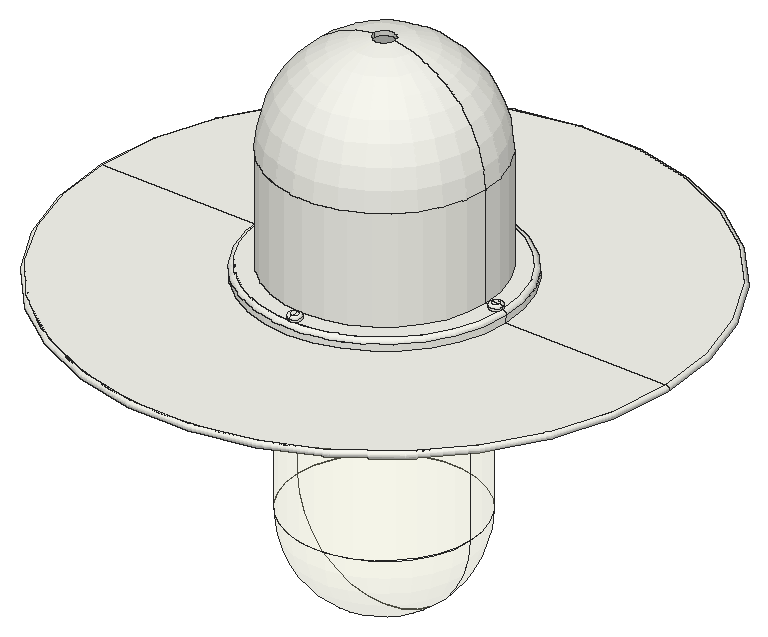
Revit family "FL4 SHADE", category Lighting Fixtures, Revit 2024
Family settings
  Round Connector Dimension = Use Diameter
  Part Type = Normal
  OmniClass Number = 23.80.70.00
  OmniClass Title = Lighting
  Work Plane-Based = No
  Always vertical = Yes
  Cut with Voids When Loaded = No
  Light Source = Yes
  Maintain Annotation Orientation = No
  Shared = No
  Room Calculation Point = No
Parameters
  Wattage = 12.1178 W
  built-in parameter 1150110 = 1 (stored number, unit not read)
  built-in parameter 1114217 = 1 (stored number, unit not read)
  built-in parameter 1150109 = 1 (stored number, unit not read)
  built-in parameter 1150134 = (empty or 0)
  built-in parameter 1150113 = 1 (stored number, unit not read)
  Lumens = 1800 lm
  built-in parameter 1150115 = 1 (stored number, unit not read)
  built-in parameter 1150105 = 572.96 (stored number, unit not read)
  Light Source Symbol Size = 2' - 0"
  built-in parameter 1150137 = (empty or 0)
  built-in parameter 1150139 = (empty or 0)
  built-in parameter 1150112 = 1 (stored number, unit not read)
  built-in parameter 1150114 = 1 (stored number, unit not read)
  built-in parameter 1150132 = 2
  built-in parameter 1150102 = (empty or 0)
  built-in parameter 1150138 = (empty or 0)
  built-in parameter 1150107 = 3000 (stored number, unit not read)
  built-in parameter 1150106 = 5.7296 (stored number, unit not read)
  built-in parameter 1150104 = 13.8 (stored number, unit not read)
  Dimming Lamp Color Temperature Shift = (empty or 0)
  Default Elevation = 0' - 0"
  Color Filter = 16777215
  built-in parameter 1114218 = 1 (stored number, unit not read)
  built-in parameter 1150133 = 10 (stored number, unit not read)
Reference planes (in)
  plane 1 "Light Source Axis (F/B)": y = 0
  plane 2: z = 0
  plane 3 "Light Source Axis (L/R)": x = 0
  plane 4 "Light Source Elevation": z = 54
Forms (in)
  Revolve 1, solid
    sketch origin (0, 0, 0) x (1, 0, 0) y (0, 0, 1)
      loop
        line (-2.5, 64) -> (-2.5, 61.5) -> (-2.9, 61.5)
        arc (-2.9, 61.5) -> (-2.97071, 61.47071) -> (-3, 61.4) r 0.1
        line (-3, 61.4) -> (-3, 61.25) -> (-6.925, 61.25)
        arc (-6.925, 61.25) -> (-7, 61.175) -> (-6.925, 61.1) r 0.075
        line (-6.925, 61.1) -> (-2.40625, 61.1) -> (-2.40625, 61.25) -> (-2.90625, 61.25) -> (-2.90625, 61.40625) -> (-2.40625, 61.40625) -> (-2.40625, 64)
        arc (-2.40625, 64) -> (-1.78768, 65.61066) -> (-0.25, 66.39323) r 2.40625
        line (-0.25, 66.39323) -> (-0.25, 66.48747)
        arc (-0.25, 66.48747) -> (-1.85405, 65.67705) -> (-2.5, 64) r 2.5
      loop
        line (-3.125, 59.16887) -> (-3.03125, 59.16887) -> (-3.03125, 59.82512) -> (-2.40625, 59.82512) -> (-2.40625, 59.91887) -> (-3.025, 59.91887)
        arc (-3.025, 59.91887) -> (-3.09571, 59.88958) -> (-3.125, 59.81887) r 0.1
        line (-3.125, 59.81887) -> (-3.125, 59.16887)
      loop
        line (-2.12253, 61.40625) -> (-2.12253, 56.12253)
        arc (-2.12253, 56.12253) -> (-1.50086, 54.62168) -> (0, 54) r 2.12253
        line (0, 54) -> (0, 61.40625) -> (-2.12253, 61.40625)
      axis (0, 66.48747) -> (0, 54)
    angle from 0 to 360
  Sweep 2, solid
    path origin (0, 0, 0) x (1, 0, 0) y (0, 0, 1)
      loop
        line (-2.75, 61.40625) -> (-2.75, 59.91887)
    profile origin (-2.75, 0, 60.66256) x (0, -1, 0) y (1, 0, 0)
      loop
        circle (0, 0) r 0.1875
  Revolve 3, solid
    sketch origin (0, 0, 0) x (1, 0, 0) y (0, 0, 1)
      loop
        line (-2.75, 61.5) -> (-2.75, 61.60198) -> (-2.84911, 61.60198)
        arc (-2.84911, 61.60198) -> (-2.8851, 61.58708) -> (-2.9, 61.55109) r 0.05089
        line (-2.9, 61.55109) -> (-2.9, 61.5) -> (-2.75, 61.5)
      axis (-2.75, 61.60198) -> (-2.75, 61.5)
    angle from 0 to 360
  Sweep 4, solid
    path origin (0, 0, 0) x (0, -1, 0) y (0, 0, 1)
      loop
        line (-2.75, 61.40625) -> (-2.75, 59.91887)
    profile origin (0, 2.75, 60.66256) x (-1, 0, 0) y (0, -1, 0)
      loop
        circle (0, 0) r 0.1875
  Revolve 5, solid
    sketch origin (0, 0, 0) x (0, -1, 0) y (0, 0, 1)
      loop
        line (-2.75, 61.5) -> (-2.75, 61.60198) -> (-2.84911, 61.60198)
        arc (-2.84911, 61.60198) -> (-2.8851, 61.58708) -> (-2.9, 61.55109) r 0.05089
        line (-2.9, 61.55109) -> (-2.9, 61.5) -> (-2.75, 61.5)
      axis (-2.75, 61.60198) -> (-2.75, 61.5)
    angle from 0 to 360
  Sweep 6, solid
    path origin (0, 0, 0) x (0, 1, 0) y (0, 0, 1)
      loop
        line (-2.75, 61.40625) -> (-2.75, 59.91887)
    profile origin (0, -2.75, 60.66256) x (1, 0, 0) y (0, 1, 0)
      loop
        circle (0, 0) r 0.1875
  Revolve 7, solid
    sketch origin (0, 0, 0) x (0, 1, 0) y (0, 0, 1)
      loop
        line (-2.75, 61.5) -> (-2.75, 61.60198) -> (-2.84911, 61.60198)
        arc (-2.84911, 61.60198) -> (-2.8851, 61.58708) -> (-2.9, 61.55109) r 0.05089
        line (-2.9, 61.55109) -> (-2.9, 61.5) -> (-2.75, 61.5)
      axis (-2.75, 61.60198) -> (-2.75, 61.5)
    angle from 0 to 360
  Sweep 8, solid
    path origin (0, 0, 0) x (-1, 0, 0) y (0, 0, 1)
      loop
        line (-2.75, 61.40625) -> (-2.75, 59.91887)
    profile origin (2.75, 0, 60.66256) x (0, 1, 0) y (-1, 0, 0)
      loop
        circle (0, 0) r 0.1875
  Revolve 9, solid
    sketch origin (0, 0, 0) x (-1, 0, 0) y (0, 0, 1)
      loop
        line (-2.75, 61.5) -> (-2.75, 61.60198) -> (-2.84911, 61.60198)
        arc (-2.84911, 61.60198) -> (-2.8851, 61.58708) -> (-2.9, 61.55109) r 0.05089
        line (-2.9, 61.55109) -> (-2.9, 61.5) -> (-2.75, 61.5)
      axis (-2.75, 61.60198) -> (-2.75, 61.5)
    angle from 0 to 360
Dimensions and locks (in)
  aligned and locked: plane 3 "Light Source Axis (L/R)" to imposter light
  aligned and locked: plane 1 "Light Source Axis (F/B)" to imposter light
  aligned and locked: plane 4 "Light Source Elevation" to imposter light
  aligned and locked: level to plane 2
